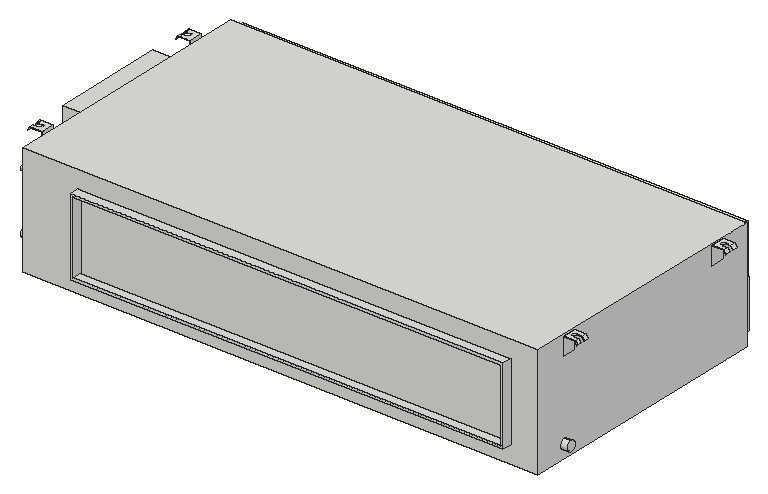
Revit family "GMV-ND（90-180）PHSD-T", category 机械设备, Revit 2014
Parameters (values of type "GMV-ND180PHS/D-T")
  air outlet width = 1151 mm
  air outlet height = 195 mm
  air inlet width = 1360 mm
  air inlet height = 264 mm
  air flow(m³/h) [instance] = "3000"
  liquid pipe = 9.5 mm
  gas pipe = 19.1 mm
  ESP(Pa) [instance] = "90(0~170)"
  drain pipe = 25 mm
  heating capacity(kW) [instance] = "20"
  制冷量(kW) [instance] = "18"
  power supply = "220V~50&60Hz"
  Width = 1400 mm
  Hight = 300 mm
  Depth = 700 mm
Types (8, lengths in mm): name | air flow(m³/h) | gas pipe | ESP(Pa) | heating capacity(kW) | 制冷量(kW)
  (no name) | "3000" | 19.1 | "90(0~170)" | "20" | "18"
  GMV-ND90PHS/D-T | "1800" | 15.9 | "90(0~200)" | "10.0" | "9.0"
  GMV-ND100PHS/D-T | "1800" | 15.9 | "90(0~200)" | "11.2" | "10.0"
  GMV-ND112PHS/D-T | "2000" | 15.9 | "90(0~200)" | "12.5" | "11.2"
  GMV-ND125PHS/D-T | "2000" | 15.9 | "90(0~200)" | "14.0" | "12.5"
  GMV-ND140PHS/D-T | "2350" | 15.9 | "90(0~200)" | "16.0" | "14.0"
  GMV-ND160PHS/D-T | "2500" | 19.1 | "90(0~200)" | "18.0" | "16.0"
  GMV-ND180PHS/D-T | "3000" | 19.1 | "90(0~170)" | "20" | "18"
Reference planes
  plane 1 "中心(前/后)": y = 0
  plane 2: z = 0
  plane 3 "中心(左/右)": x = 0
  plane 4: x = 700
  plane 5: x = -531
  plane 6: x = 620
  plane 7: x = -700
  plane 8: y = 350
  plane 9: y = -350
Forms (mm)
  Extrusion 1, solid, material "热镀锌板"
    sketch origin (0, 0, 0) x (1, 0, 0) y (0, 0, 1)
      loop
        line (-687, 300) -> (-687, 0) -> (700, 0) -> (700, 300) -> (-687, 300)
    from -350 to 350
  Extrusion 2, solid, material "热镀锌板"
    sketch origin (-700, -1524, 815.843) x (0, 0, 1) y (0, -1, 0)
      loop
        circle (-607.843, -1317) r 9.55
    from 0 to -50
  Extrusion 3, solid, material "热镀锌板"
    sketch origin (-700, -1524, 815.843) x (0, 0, 1) y (0, -1, 0)
      loop
        circle (-619.843, -1250) r 4.75
    from 0 to -50
  Extrusion 4, solid, material "热镀锌板"
    sketch origin (-700, -1524, 815.843) x (0, 0, 1) y (0, -1, 0)
      loop
        circle (-777.843, -1260) r 12.5
    from 0 to -50
  Extrusion 5, solid, material "热镀锌板"
    sketch origin (0, -350, 14.539) x (0, 0, -1) y (-1, 0, 0)
      loop
        line (-238.961, 537) -> (-238.961, -626) -> (-31.961, -626) -> (-31.961, 537) -> (-238.961, 537)
    from 0 to -25
  Extrusion 6, void
    sketch origin (0, -350, 14.539) x (0, 0, 1) y (-1, 0, 0)
      loop
        line (232.961, 531) -> (37.961, 531) -> (37.961, -620) -> (232.961, -620) -> (232.961, 531)
    from 0 to 25
  Extrusion 7, solid, material "热镀锌板"
    sketch origin (700, -1524, 762.647) x (0, 0, 1) y (0, -1, 0)
      loop
        circle (-724.647, -1260) r 12.5
    from 0 to 20
  Extrusion 8, solid, material "热镀锌板"
    sketch origin (-75.364, 350, 0) x (0, 0, -1) y (-1, 0, 0)
      loop
        line (-284, -756.364) -> (-20, -756.364) -> (-20, 603.636) -> (-284, 603.636) -> (-284, -756.364)
    from 0 to 30
  Extrusion 9, void
    sketch origin (0, 0, 0) x (0, 1, 0) y (1, 0, 0)
      loop
        line (350, -679) -> (350, 611) -> (20, 611) -> (20, -679) -> (350, -679)
    from 0 to -5
  Extrusion 10, solid, material "热镀锌板"
    sketch origin (-700, -1524, 815.843) x (0, 0, 1) y (0, -1, 0)
      loop
        line (-555.843, -1728) -> (-555.843, -1423) -> (-780.843, -1423) -> (-780.843, -1728) -> (-555.843, -1728)
    from -78.5 to 0
Cuts and joins
  Extrusion 6, Extrusion 9 cuts Extrusion 1
  Extrusion 6 cuts Extrusion 5
Lines and regions (mm)
  model lines
    curve 1: circle (-700, -274, 194.4) r 4.75 normal (1, 0, 0)
    curve 2: circle (-700, -264, 38) r 12.5 normal (1, 0, 0)
    curve 3: arc (-700, -207, 217.55) -> (-700, -216.55, 208) -> (-700, -207, 198.45) r 9.55
    curve 4: arc (-700, -207, 198.45) -> (-700, -197.45, 208) -> (-700, -207, 217.55) r 9.55
    curve 5: line (-531, -375, 52.5) -> (-531, -375, 235.5)
    curve 6: line (620, -375, 52.5) -> (-531, -375, 52.5)
    curve 7: line (620, -375, 235.5) -> (620, -375, 52.5)
    curve 8: circle (700, -264, 38) r 12.5 normal (1, 0, 0)
    curve 9: line (-612, 380, 20) -> (611, 380, 20)
    curve 10: line (-612, 380, 284) -> (-612, 380, 20)
    curve 11: line (-679, 350, 0) -> (611, 350, 0)
    curve 12: line (-679, 20, 0) -> (-679, 350, 0)
    curve 13: line (611, 20, 0) -> (-679, 20, 0)
    curve 14: line (611, 350, 0) -> (611, 20, 0)
Dimensions and locks
  plane 3 "中心(左/右)" to plane 4 = 700 mm
  "Width": plane 7 to plane 4
  "Depth": plane 9 to plane 8
  "air outlet width": plane 6 to plane 5
  "air outlet height": cut or joined group of Extrusion 5, Extrusion 6 to cut or joined group of Extrusion 5, Extrusion 6
  "air inlet width": Extrusion 8 to Extrusion 8
  "air inlet height": Extrusion 8 to Extrusion 8
  "gas pipe": diameter of Extrusion 2 sketch curve
  "liquid pipe": diameter of Extrusion 3 sketch curve
  "drain pipe": diameter of Extrusion 4 sketch curve
  aligned and locked: level to plane 2
  aligned and locked: plane 4 to Extrusion 1
  aligned and locked: Extrusion 1 to level
  aligned and locked: curve 3 to Extrusion 2
  aligned and locked: curve 4 to Extrusion 2
  aligned and locked: cut or joined group of Extrusion 5, Extrusion 6 to Extrusion 6
  aligned and locked: curve 5 to cut or joined group of Extrusion 5, Extrusion 6
  aligned and locked: curve 6 to cut or joined group of Extrusion 5, Extrusion 6
  aligned and locked: curve 7 to cut or joined group of Extrusion 5, Extrusion 6
  aligned and locked: curve 9 to Extrusion 8
  aligned and locked: Extrusion 9 sketch curve to Extrusion 8
  aligned and locked: curve 11 to Extrusion 8
  aligned and locked: curve 12 to cut or joined group of Extrusion 1, Extrusion 6, Extrusion 9
  aligned and locked: curve 13 to cut or joined group of Extrusion 1, Extrusion 6, Extrusion 9
  aligned and locked: curve 14 to cut or joined group of Extrusion 1, Extrusion 6, Extrusion 9
Automatic sketch dimensions
  Extrusion 1 sketch curve to level = 0 mm
  Extrusion 1 sketch curve to plane 4 = 0 mm
  Extrusion 6 sketch curve to plane 5 = 0 mm
  Extrusion 6 sketch curve to plane 6 = 0 mm
  Extrusion 1 sketch curve to plane 5 = 156 mm
  plane 6 to Extrusion 5 sketch curve = 6 mm
  Extrusion 5 sketch curve to plane 5 = 6 mm
  plane 6 to Extrusion 8 sketch curve = 61 mm
  Extrusion 8 sketch curve to plane 5 = 148 mm
  Extrusion 9 sketch curve to plane 6 = 9 mm
  Extrusion 9 sketch curve to plane 1 "中心(前/后)" = 20 mm
  Extrusion 1 sketch curve to Extrusion 1 sketch curve = 300 mm
  curve 1 to curve 4 = 4.05 mm
  level to curve 2 = 38 mm
  level to Extrusion 5 sketch curve = 253.5 mm
  level to Extrusion 5 sketch curve = 46.5 mm
  level to Extrusion 6 sketch curve = 52.5 mm
  Extrusion 6 sketch curve to Extrusion 6 sketch curve = 195 mm
  level to Extrusion 7 sketch curve = 38 mm
  level to curve 8 = 38 mm
  level to Extrusion 8 sketch curve = 284 mm
  level to Extrusion 8 sketch curve = 20 mm
  level to Extrusion 10 sketch curve = 35 mm
  Extrusion 10 sketch curve to Extrusion 10 sketch curve = 225 mm
  curve 4 to curve 1 = 67 mm
  plane 1 "中心(前/后)" to Extrusion 10 sketch curve = 101 mm
  curve 2 to curve 1 = 10 mm
  plane 1 "中心(前/后)" to Extrusion 7 sketch curve = 264 mm
  plane 1 "中心(前/后)" to curve 8 = 264 mm
  Extrusion 10 sketch curve to plane 1 "中心(前/后)" = 204 mm
  curve 6 to curve 7 = 183 mm
  curve 5 to curve 5 = 183 mm
  curve 9 to curve 10 = 264 mm
  curve 9 to plane 6 = 9 mm
  curve 10 to plane 5 = 81 mm
  Extrusion 9 sketch curve to plane 7 = 21 mm
  level to Extrusion 2 sketch curve = 208 mm
  Extrusion 2 sketch curve to plane 9 = 143 mm
  Extrusion 3 sketch curve to plane 9 = 76 mm
  level to Extrusion 3 sketch curve = 196 mm
  level to Extrusion 4 sketch curve = 38 mm
  Extrusion 4 sketch curve to plane 9 = 86 mm
  radius of curve 1 = 4.75 mm
  radius of curve 2 = 12.5 mm
  radius of Extrusion 7 sketch curve = 12.5 mm
  radius of curve 8 = 12.5 mm
Nested families
  nested 1: "定位孔（SDB)" at (700, 232.189, 98.438), type "SDB"
  nested 2: "定位孔（SDB)" at (700, -232.189, 98.438), type "SDB"
  nested 3: "定位孔（SDB)" at (-700, 232.189, 98.438) x (-1, 0, 0) z (0, 0, 1), type "SDB"
  nested 4: "定位孔（SDB)" at (-700, -232.189, 98.438) x (-1, 0, 0) z (0, 0, 1), type "SDB"
Connectors
  piping at (-750, -207, 208), diameter 19.1, driven by "gas pipe"
    settings: on Extrusion 2, index 1, connector inside diameter 609.6 mm, connector length 0 mm, flow factor 0, pipe flow 0.0 L/s, pressure drop 0.0 Pa, fitting loss kfactor 0, connector angle 0.00°, fixture units 0, engagement length 0 mm, angle of deflection 0.00°, flow configuration 0, flow direction 2, fitting loss method 0, system type 7, joint type 0, gender type 0, connector reference index -1, connector utility 0, adjustable connector no, is connector primary yes, connector description ""
  piping at (-750, -274, 196), diameter 9.5, driven by "liquid pipe"
    settings: on Extrusion 3, index 2, connector inside diameter 609.6 mm, connector length 0 mm, flow factor 0, pipe flow 0.0 L/s, pressure drop 0.0 Pa, fitting loss kfactor 0, connector angle 0.00°, fixture units 0, engagement length 0 mm, angle of deflection 0.00°, flow configuration 0, flow direction 1, fitting loss method 0, system type 8, joint type 0, gender type 0, connector reference index -1, connector utility 0, adjustable connector no, is connector primary no, connector description ""
  piping at (-750, -264, 38), diameter 25, driven by "drain pipe"
    settings: on Extrusion 4, index 3, connector inside diameter 609.6 mm, connector length 0 mm, flow factor 0, pipe flow 0.0 L/s, pressure drop 0.0 Pa, fitting loss kfactor 0, connector angle 0.00°, fixture units 0, engagement length 0 mm, angle of deflection 0.00°, flow configuration 0, flow direction 2, fitting loss method 0, system type 7, joint type 0, gender type 0, connector reference index -1, connector utility 0, adjustable connector no, is connector primary no, connector description ""
  hvac at (44.5, -375, 150), driven by "air outlet height", driven by "air outlet width"
    settings: on cut or joined group of Extrusion 5, Extrusion 6, index 4, duct flow 0.0 L/s, flow factor 0, pres drop 0.0 Pa, loss coef 0, conn angle 0.00°, conn width 1151 mm, conn height 195 mm, conn diameter 609.6 mm, duct sys type 1, conn prof type 1, flow config 0, flow direction 2, loss method 0, conn ref index -1, conn util no, is conn primary yes, conn desc ""
  hvac at (1, 380, 152), driven by "air inlet height", driven by "air inlet width"
    settings: on Extrusion 8, index 5, duct flow 0.0 L/s, flow factor 0, pres drop 0.0 Pa, loss coef 0, conn angle 0.00°, conn width 1360 mm, conn height 264 mm, conn diameter 609.6 mm, duct sys type 2, conn prof type 1, flow config 0, flow direction 1, loss method 0, conn ref index -1, conn util no, is conn primary no, conn desc ""
Definition of nested family "定位孔（SDB)"
  Parameters (values of type "SDB")
    定位孔长 = 45.686 mm
    定位孔宽 = 35 mm
    定位孔安装边高 = 49.175 mm
    定位孔安装边到安装孔中心距 = 19 mm
    定位孔孔半径 = 6 mm
    定位孔外申角度 = 121.00°
    外壳 = 热镀锌板
  Reference planes
    plane 1 "中心(前/后)": y = 0
    plane 2: z = 0
    plane 3 "中心(左/右)": x = 0
    plane 4: y = 17.5
    plane 5: x = 19
    plane 6: z = 199.575
    plane 7: z = 190.5
    plane 8: y = 35
    plane 9: x = 45.686
    plane 10: z = 150.4
    plane 11: through (40.14, -1524, 199.575) normal (0.8572, 0, 0.515)
  Forms (mm)
    Sweep 1, solid, material "热镀锌板"
      path origin (-590, 27.035, 1197.344) x (1, 0, 0) y (0, 0, 1)
        loop
          line (591, -1046.944) -> (591, -998.769) -> (623.575, -998.769) -> (628.83, -1007.513)
      profile origin (1, 27.035, 174.488) x (-1, 0, 0) y (0, -1, 0)
        loop
          line (1, -7.965) -> (1, 27.035) -> (-0.648, 27.035) -> (-0.648, -7.965) -> (1, -7.965)
    Extrusion 2, void
      sketch origin (30, -996.568, 199.575) x (0, -1, 0) y (-1, 0, 0)
        loop
          line (-1020.068, 11) -> (-1020.068, -17.55) -> (-1008.068, -17.55) -> (-1008.068, 11)
          arc (-1008.068, 11) -> (-1014.068, 17) -> (-1020.068, 11) r 6
      from 0 to 10
  Cuts and joins
    Extrusion 2 cuts Sweep 1
  Dimensions and locks
    "定位孔安装边到安装孔中心距": plane 3 "中心(左/右)" to plane 5
    equal spacing: plane 8, plane 4, plane 1 "中心(前/后)"
    "定位孔宽": plane 8 to plane 1 "中心(前/后)"
    "定位孔长": plane 3 "中心(左/右)" to plane 9
    "定位孔安装边高": plane 6 to plane 10
    "定位孔孔半径": radius of cut or joined group of Sweep 1, Extrusion 2
    "定位孔外申角度": angle plane 6 to plane 11
    aligned and locked: level to plane 2
  Automatic sketch dimensions
    plane 3 "中心(左/右)" to Sweep 1 sketch curve = 1 mm
    Sweep 1 sketch curve to plane 6 = 1 mm
    plane 5 to Sweep 1 sketch curve = 14.575 mm
    plane 7 to Sweep 1 sketch curve = 0.67 mm
    Sweep 1 sketch curve to Sweep 1 sketch curve = 5.254 mm
    plane 7 to Sweep 1 sketch curve = 40.1 mm
    profile plane to Sweep 1 sketch curve = 0.648 mm
    Sweep 1 sketch curve to profile plane = 1 mm
    Sweep 1 sketch curve to profile plane = 7.965 mm
    profile plane to Sweep 1 sketch curve = 27.035 mm
    Extrusion 2 sketch curve to plane 5 = 0 mm
    Extrusion 2 sketch curve to plane 4 = 0 mm
    plane 4 to Extrusion 2 sketch curve = 6 mm
    Extrusion 2 sketch curve to Extrusion 2 sketch curve = 28.55 mm
